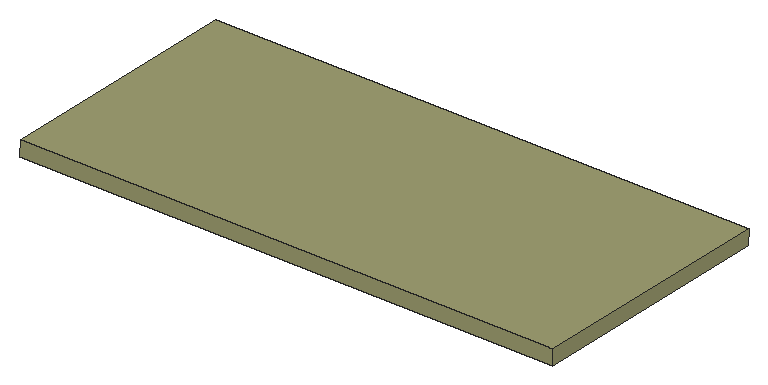
Revit family "Ecowool Brownie Blanket (32kgm3)", category Generic Models, host Face, Revit 2020
Family settings
  Host = Face
  Can host rebar = No
  Round Connector Dimension = Use Diameter
  Part Type = Normal
  Cut with Voids When Loaded = No
  Shared = No
  Room Calculation Point = No
Parameters (values of type "EWBL 1.50 (50mm)")
  Width [instance] = 800 mm
  URL = "www.ecowool.com.my"
  Type of Insulation = "Glass Mineral Wool Blanket"
  Thermal R value = 1.5
  Thermal K value = 0.0327
  Remarks = ""
  Material Specification = ""
  Manufacturer = "PGF Insulation Sdn. Bhd."
  Insulation Thickness = 50 mm
  Length(mm) [instance] = 1740 mm
  Finish = Brownie Blanket
  ECOWOOL Product thickness in mm = ""
  Description = "ECOWOOL Brownie blanket and slabs are resilient, non-combustible, glass mineral wool products, supplied at roofing and walling application for residential and commercial building"
  Density = 32.00 kg/m³
  Default Elevation = 1219.2 mm
Types (3, lengths in mm): name | Thermal R value | Insulation Thickness
  (no name) | 1.5 | 50
  EWBL 1.50 (50mm) | 1.5 | 50
  EWBL 2.29 (75mm) | 2.29 | 75
Reference planes
  plane 1 "Center (Front/Back)": y = 0
  plane 2: z = 0
  plane 3 "Center (Left/Right)": x = 0
  plane 4: x = 1740
  plane 5: y = -400
  plane 6: y = 400
Forms (mm)
  Sweep 1, solid, material "Brownie Blanket" <- "Finish"
    path origin (0, 0, 0) x (1, 0, 0) y (0, 1, 0)
      loop
        line (0, 0) -> (1740, 0)
    profile origin (870, 0, 0) x (0, 1, 0) y (0, 0, 1)
      loop
        line (-400, 50) -> (-400, 0) -> (400, 0) -> (400, 50) -> (-400, 50)
Lines and regions (mm)
  reference lines
    curve 1: line (0, 0, 0) -> (1740, 0, 0)
Dimensions and locks
  "Width": plane 5 to plane 6
  equal spacing: plane 5, plane 1 "Center (Front/Back)", plane 6
  "Length(mm)": plane 3 "Center (Left/Right)" to plane 4
  "Insulation Thickness": host face to Sweep 1 sketch curve
  aligned and locked: plane 2 to host face
  aligned and locked: level to host face
  aligned and locked: plane 3 "Center (Left/Right)" to curve 1
  aligned and locked: plane 4 to curve 1
  aligned and locked: plane 3 "Center (Left/Right)" to Sweep 1 sketch curve
  aligned and locked: plane 4 to Sweep 1 sketch curve
  aligned and locked: level to Sweep 1 sketch curve
  aligned and locked: plane 6 to Sweep 1 sketch curve
  aligned and locked: Sweep 1 sketch curve to plane 5
Automatic sketch dimensions
  host sketch curve to host sketch curve = 1616.306 mm
  host sketch curve to host sketch curve = 2438.4 mm
  plane 1 "Center (Front/Back)" to curve 1 = 0 mm
  plane 1 "Center (Front/Back)" to Sweep 1 sketch curve = 0 mm
